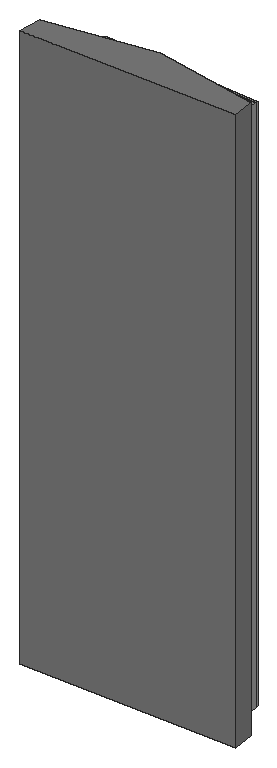
Revit family "JC KONTAKTER JCK107 Armbågskontakt", category Specialty Equipment, host Wall, Revit 2025
Family settings
  Host = Wall
  Round Connector Dimension = Use Diameter
  Part Type = Normal
  Enable Cutting in Views = Yes
  Always vertical = Yes
  Cut with Voids When Loaded = No
  Maintain Annotation Orientation = No
  Shared = No
  Room Calculation Point = No
Parameters (values of type "Armbågskontakt JCK107")
  URL = "https://jckontakter.se/produkt/armbagskontakter-plast/armbagskontakt-jck107/"
  Tillverkningsland = "Sverige"
  Tillvalsförteckning = "https://jckontakter.se/wp-content/uploads/sites/2/Tillval_metall_2024.pdf"
  Tekniskt produktblad = "https://jckontakter.se/wp-content/uploads/2019/06/JCK107.pdf"
  Produktvikt = "0.321 kg"
  Plate Finish = Stainless Steel EN 1.4301
  Placering av armbågskontakt = "https://jckontakter.se/start/nyheter-och-information/armbagskontakter-placering-riktlinjer/"
  Nominell märkström = "12 V - Resistive 6A Inductive L/R 5ms 6A, 24 V - Resistive 6A Inductive L/R 5ms 5A"
  Model = "JCK107"  # constant formula
  Mikrobrytare = "Standard NO IP67"
  Manufacturer = "JC Kontakter"  # constant formula
  Lägsta märkström = "1mA/4 V DC"
  Core Finish = ABS 750SW (Mörk grå)
  Keynote = ""
  Lid Finish = ABS 750SW (Silver färg)
  Description = "JCK107 är en stilren armbågskontakt i tålig ABS-plast. Modell med plan tryckplatta i rostfri metall och mörkgrå underdel.\r\nJCK107 levereras med 1st mikrobrytare i IP67, men går även att beställa med fler."  # constant formula
  Default Elevation = 0 mm
  CE Dokument = "https://jckontakter.se/wp-content/uploads/CE_Dokument.pdf"
  Assembly Code = ""
  Antal mikrobrytare = 1
Reference planes
  plane 1 "Wall": y = 0
  plane 2 "Center (Left/Right)": x = 125
  plane 3 "Back": y = 75
  plane 4 "A": z = 800
Lines and regions (mm)
  Masking region 1
    outline origin (0, 0, -100) x (1, 0, 0) y (0, 0, 1)
      loop
        line (175, 1145) -> (75, 1145) -> (75, 900) -> (175, 900) -> (175, 1145)
  symbolic lines
    curve 1: line (75, 125, 0) -> (175, 125, 0)
    curve 2: line (75, 75, 0) -> (75, 125, 0)
    curve 3: line (175, 75, 0) -> (75, 75, 0)
    curve 4: line (175, 125, 0) -> (175, 75, 0)
    curve 5: line (175, 0, 1045) -> (75, 0, 1045)
    curve 6: line (175, 0, 800) -> (175, 0, 1045)
    curve 7: line (75, 0, 800) -> (175, 0, 800)
    curve 8: line (75, 0, 1045) -> (75, 0, 800)
Text (mm)
  text "Placement Side" at (-1848.837, 1116.779, 0), in view "Ref. Level"
  text "Placement side" at (0, 1409.804, 2854.306), in view "Left"
  text "Placement side" at (0, 499.811, 2980.732), in view "Right"
Dimensions and locks
  locked: plane 3 "Back" to host wall
  locked: curve 3 to curve 1 at 50
  aligned and locked: plane 1 "Wall" to host wall
  aligned and locked: nested 1 to plane 3 "Back"
  aligned and locked: curve 3 to plane 3 "Back"
  aligned and locked: plane 4 "A" to curve 7
  aligned and locked: curve 6 to Masking region 1
  aligned and locked: Masking region 1 to curve 8
Nested families
  nested 1: "AK_107" at (125, 75, 800) x (-1, 0, 0) z (0, 0, 1), type "AK_107", detail levels medium+fine
Definition of nested family "AK_107"
  Parameters (values of type "AK_107")
    URL = "https://jckontakter.se/produkt/armbagskontakter-plast/armbagskontakt-jck107/"
    Model = "JCK107"  # constant formula
    Manufacturer = "JC Kontakter"  # constant formula
    Plate Finish = none
    Lid Finish = none
    Core Finish = none
    Description = "JCK107 är en stilren armbågskontakt i tålig ABS-plast. Modell med plan tryckplatta i rostfri metall och mörkgrå underdel.\r\nJCK107 levereras med 1st mikrobrytare i IP67, men går även att beställa med fler."  # constant formula
    Default Elevation = 0 mm
  Reference planes
    plane 1 "Center (Front/Back)": y = 0
    plane 2: z = 0
    plane 3 "Center (Left/Right)": x = 0
    plane 4 "1": x = 47.5
    plane 5 "A": z = 5
    plane 6 "B": z = 245
  Forms (mm)
    Extrusion 1, solid, material <- "Core Finish"
      sketch origin (0, 0, 0) x (1, 0, 0) y (0, 1, 0)
        loop
          line (-47.5, 0) -> (-46.5, -10) -> (0, -18) -> (46.5, -10) -> (47.5, 0) -> (-47.5, 0)
      from 0 to 250
    Extrusion 2, void
      sketch origin (0, 0, 0) x (1, 0, 0) y (0, 1, 0)
        loop
          line (-42.5, -4) -> (-42.5, -18.223) -> (42.5, -18.223) -> (42.5, -4) -> (-42.5, -4)
      from 5 to 245
    Extrusion 3, solid, material <- "Lid Finish"
      sketch origin (0, 0, 5) x (-1, 0, 0) y (0, -1, 0)
        loop
          line (-42, 6) -> (42, 6) -> (41.473, 18.808) -> (-26.802, 21.808) -> (-41.637, 14.808) -> (-42, 6)
      from 0.5 to 239.5
    Extrusion 4, solid, material <- "Plate Finish"
      sketch origin (0, 0, 5) x (-1, 0, 0) y (0, -1, 0)
        loop
          line (41.473, 18.808) -> (41.517, 19.807) -> (-27.455, 22.838) -> (-42.064, 15.713) -> (-41.637, 14.808) -> (-26.802, 21.808) -> (41.473, 18.808)
      from 1 to 239.5
  Cuts and joins
    Extrusion 2 cuts Extrusion 1
  Dimensions and locks
    aligned and locked: level to plane 2
